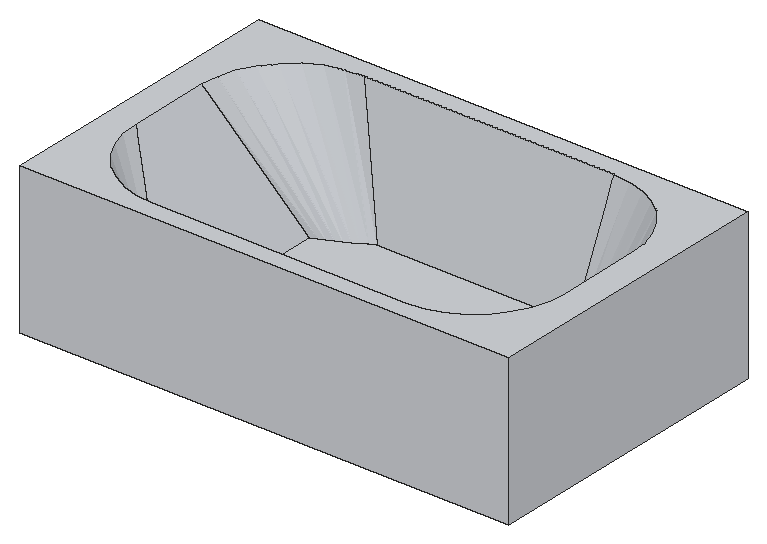
Revit family "dbb93d54b5434fd69f06b3e834abac03", category Plumbing Fixtures, Revit 2021
Family settings
  Round Connector Dimension = Use Radius
  Part Type = Normal
  OmniClass Number = 23.45.05.17.17
  OmniClass Title = Leisure Whirlpools
  Seek Item ID = Whirlpool Spa-0000-USA-ENU
  Work Plane-Based = No
  Always vertical = Yes
  Cut with Voids When Loaded = No
  Shared = No
  Room Calculation Point = No
Parameters (values of type "72"x44" - Public")
  Width 1 = 0' 8" * sin(26.00°)  # 0' - 3.50697"
  Whirlpool Spa Width = 3' - 8"
  Whirlpool Spa Material = none
  Whirlpool Spa Length = 6' - 0"
  Whirlpool Spa Height = 1' - 10"
  WFU = 2
  Voltage = 208 V
  Sanitary Radius = 3/4"
  Sanitary Diameter = Sanitary Radius * 2  # 1 1/2"
  Number of Poles = 3
  Load Classification = Appliance - Dwelling Unit
  Length 1 = 0' 8" * cos(26.00°)  # 0' - 7.19035"
  Hot Water Radius = 1/4"
  Hot Water Diameter = Hot Water Radius * 2  # 1/2"
  HWFU = 3
  Flow Pressure [instance] = 8.00 psi
  Default Elevation = 0' - 0"
  Cold Water Radius = 1/4"
  Cold Water Diameter = Cold Water Radius * 2  # 1/2"
  CWFU = 3
  Apparent Load = 875 VA
Types (3): name | HWFU | CWFU
  (no name) | 3 | 3
  72"x44" - Public | 3 | 3
  72"x44" - Private | 1 | 1
Reference planes (in)
  plane 1 "Center (Front/Back)": y = 0
  plane 2: z = 0
  plane 3 "Center (Left/Right)": x = 0
  plane 4: y = 44
  plane 5: x = 72
  plane 6: z = 22
  plane 7: y = 41.34375
  plane 8: y = 2.65625
  plane 9: x = 4.3125
  plane 10: x = 67.6875
  plane 11: x = 14.40625
  plane 12: x = 57.59375
  plane 13: x = 21.5966
  plane 14: x = 50.4034
  plane 15: x = 17.5625
  plane 16: x = 54.4375
  plane 17: x = 18.8125
  plane 18: y = 38.71875
  plane 19: y = 5.28125
  plane 20: y = 35.21178
  plane 21: y = 8.78822
  plane 22: y = 28.09375
  plane 23: y = 15.90625
  plane 24: y = 21.90625
  plane 25: z = 2.1875
  plane 26: z = 2.46875
  plane 27: y = 4
  plane 28: z = 4
  plane 29: y = 18
  plane 30: y = 26
  plane 31: z = 10
Forms (in)
  Extrusion 1, solid, material <- "Whirlpool Spa Material"
    sketch origin (0, 0, 0) x (1, 0, 0) y (0, 1, 0)
      loop
        line (0, 44) -> (0, 0) -> (72, 0) -> (72, 44) -> (0, 44)
    from 22 to 0
  Blend 2, void
    base sketch origin (0, 0, 0) x (1, 0, 0) y (0, 1, 0)
      loop
        line (21.5966, 38.71875) -> (14.40625, 35.21178) -> (14.40625, 8.78822) -> (21.5966, 5.28125) -> (50.4034, 5.28125) -> (57.59375, 8.78822) -> (57.59375, 35.21178) -> (50.4034, 38.71875) -> (21.5966, 38.71875)
    top sketch origin (0, 0, 0) x (1, 0, 0) y (0, 1, 0)
      loop
        line (54.4375, 41.34375) -> (17.5625, 41.34375)
        arc (17.5625, 41.34375) -> (8.19334, 37.46291) -> (4.3125, 28.09375) r 13.25
        line (4.3125, 28.09375) -> (4.3125, 15.90625)
        arc (4.3125, 15.90625) -> (8.19334, 6.53709) -> (17.5625, 2.65625) r 13.25
        line (17.5625, 2.65625) -> (54.4375, 2.65625)
        arc (54.4375, 2.65625) -> (63.80666, 6.53709) -> (67.6875, 15.90625) r 13.25
        line (67.6875, 15.90625) -> (67.6875, 28.09375)
        arc (67.6875, 28.09375) -> (63.80666, 37.46291) -> (54.4375, 41.34375) r 13.25
    from 2.1875 to 22
  Extrusion 3, void
    sketch origin (0, 0, 0) x (1, 0, 0) y (0, 1, 0)
      loop
        circle (18.8125, 21.90625) r 0.75
    from 0 to 2.46875
  Extrusion 4, solid, material <- "Whirlpool Spa Material"
    sketch origin (0, 0, 0) x (0, 1, 0) y (0, 0, 1)
      loop
        circle (26, 10) r 0.25
      loop
        circle (18, 10) r 0.25
      loop
        circle (4, 4) r 1
    from 4.3125 to 0
  Extrusion 5, solid, material <- "Whirlpool Spa Material"
    sketch origin (0, 0, 0) x (1, 0, 0) y (0, 1, 0)
      loop
        circle (18.8125, 21.90625) r 0.75
    from 0 to 2.1875
Cuts and joins
  Blend 2, Extrusion 3 cuts Extrusion 1
  joined: Extrusion 1, Extrusion 4
Lines and regions (in)
  symbolic lines
    curve 1: line (0, 44, 0) -> (72, 44, 0)
    curve 2: line (0, 0, 0) -> (0, 44, 0)
    curve 3: line (72, 0, 0) -> (0, 0, 0)
    curve 4: line (72, 44, 0) -> (72, 0, 0)
    curve 5: line (17.5625, 41.34375, 0) -> (54.4375, 41.34375, 0)
    curve 6: line (67.6875, 28.09375, 0) -> (67.6875, 15.90625, 0)
    curve 7: line (54.4375, 2.65625, 0) -> (17.5625, 2.65625, 0)
    curve 8: line (4.3125, 15.90625, 0) -> (4.3125, 28.09375, 0)
    curve 9: arc (4.3125, 28.09375, 0) -> (8.19334, 37.46291, 0) -> (17.5625, 41.34375, 0) r 13.25
    curve 10: arc (4.3125, 15.90625, 0) -> (8.19334, 6.53709, 0) -> (17.5625, 2.65625, 0) r 13.25
    curve 11: arc (54.4375, 2.65625, 0) -> (63.80666, 6.53709, 0) -> (67.6875, 15.90625, 0) r 13.25
    curve 12: arc (54.4375, 41.34375, 0) -> (63.80666, 37.46291, 0) -> (67.6875, 28.09375, 0) r 13.25
    curve 13: circle (18.8125, 21.90625, 0) r 0.75 normal (0, 0, 1)
Dimensions and locks (in)
  "Whirlpool Spa Width": plane 1 "Center (Front/Back)" to plane 4
  "Whirlpool Spa Length": plane 3 "Center (Left/Right)" to plane 5
  "Whirlpool Spa Height": plane 6 to plane 2
  locked: plane 4 to plane 7 at 2.65625
  locked: plane 1 "Center (Front/Back)" to plane 8 at 2.65625
  locked: plane 3 "Center (Left/Right)" to plane 9 at 4.3125
  locked: plane 10 to plane 5 at 4.3125
  locked: plane 3 "Center (Left/Right)" to plane 11 at 14.40625
  locked: plane 12 to plane 5 at 14.40625
  "Length 1": plane 11 to plane 13
  "Length 1": plane 14 to plane 12
  locked: plane 9 to plane 15 at 13.25
  locked: plane 16 to plane 10 at 13.25
  locked: plane 3 "Center (Left/Right)" to plane 17 at 18.8125
  locked: plane 4 to plane 18 at 5.28125
  locked: plane 1 "Center (Front/Back)" to plane 19 at 5.28125
  "Width 1": plane 18 to plane 20
  "Width 1": plane 19 to plane 21
  locked: plane 7 to plane 22 at 13.25
  locked: plane 8 to plane 23 at 13.25
  locked: plane 24 to plane 1 "Center (Front/Back)" at 21.90625
  locked: plane 25 to plane 2 at 2.1875
  locked: plane 26 to plane 25 at 0.28125
  locked: plane 28 to plane 2 at 4
  locked: plane 27 to plane 1 "Center (Front/Back)" at 4
  locked: plane 29 to plane 1 "Center (Front/Back)" at 18
  locked: plane 30 to plane 1 "Center (Front/Back)" at 26
  locked: plane 31 to plane 2 at 10
  "Sanitary Radius": radius of Extrusion 3 sketch curve
  "Cold Water Radius": radius of Extrusion 4 sketch curve
  "Hot Water Radius": radius of Extrusion 4 sketch curve
  radius of Extrusion 4 sketch curve = 0' - 1"
  radius of curve 13 = 0' - 0 3/4"
  radius of Extrusion 5 sketch curve = 0' - 0 3/4"
  aligned and locked: plane 3 "Center (Left/Right)" to Extrusion 1 sketch curve
  aligned and locked: Extrusion 1 sketch curve to plane 4
  aligned and locked: plane 1 "Center (Front/Back)" to Extrusion 1 sketch curve
  aligned and locked: Extrusion 1 sketch curve to plane 5
  aligned and locked: plane 6 to Extrusion 1
  aligned and locked: Extrusion 1 to plane 2
  aligned and locked: Extrusion 1 to Blend 2
  aligned and locked: Blend 2 to plane 25
  aligned and locked: plane 17 to Extrusion 3 sketch curve
  aligned and locked: plane 24 to Extrusion 3 sketch curve
  aligned and locked: plane 26 to Extrusion 3
  aligned and locked: Extrusion 3 to plane 2
  aligned and locked: plane 29 to Extrusion 4 sketch curve
  aligned and locked: plane 31 to Extrusion 4 sketch curve  (x2)
  aligned and locked: plane 30 to Extrusion 4 sketch curve
  aligned and locked: Extrusion 4 to plane 9
  aligned and locked: Extrusion 4 to plane 3 "Center (Left/Right)"
  aligned and locked: plane 27 to Extrusion 4 sketch curve
  aligned and locked: plane 28 to Extrusion 4 sketch curve
  aligned and locked: curve 1 to cut or joined group of Extrusion 1, Blend 2, Extrusion 3, Extrusion 4  (x2)
  aligned and locked: cut or joined group of Extrusion 1, Blend 2, Extrusion 3, Extrusion 4 to curve 4
  aligned and locked: curve 4 to cut or joined group of Extrusion 1, Blend 2, Extrusion 3, Extrusion 4
  aligned and locked: plane 17 to curve 13
  aligned and locked: plane 24 to curve 13
  aligned and locked: plane 24 to Extrusion 5 sketch curve
  aligned and locked: plane 17 to Extrusion 5 sketch curve
  aligned and locked: Extrusion 5 to plane 2
  aligned and locked: plane 25 to Extrusion 5
Automatic sketch dimensions
  Blend 2 sketch curve to plane 11 = 0' - 0"
  Blend 2 sketch curve to plane 13 = 0' - 0"  (x2)
  Blend 2 sketch curve to plane 14 = 0' - 0"  (x2)
  Blend 2 sketch curve to plane 12 = 0' - 0"
  Blend 2 sketch curve to plane 19 = 0' - 0"
  Blend 2 sketch curve to plane 21 = 0' - 0"  (x2)
  Blend 2 sketch curve to plane 20 = 0' - 0"  (x2)
  Blend 2 sketch curve to plane 18 = 0' - 0"
  Blend 2 sketch curve to plane 9 = 0' - 0"
  Blend 2 sketch curve to plane 15 = 0' - 0"  (x2)
  Blend 2 sketch curve to plane 8 = 0' - 0"
  Blend 2 sketch curve to plane 16 = 0' - 0"  (x2)
  Blend 2 sketch curve to plane 10 = 0' - 0"
  Blend 2 sketch curve to plane 22 = 0' - 0"
  curve 9 to plane 9 = 0' - 0"
  curve 5 to plane 7 = 0' - 0"
  curve 5 to plane 15 = 0' - 0"
  curve 10 to plane 8 = 0' - 0"
  curve 10 to plane 15 = 0' - 0"
  curve 12 to plane 16 = 0' - 0"
  curve 7 to plane 16 = 0' - 0"
  curve 6 to plane 10 = 0' - 0"
Connectors (in)
  piping at (0, 26, 10), diameter 0.5, driven by "CWFU", driven by "Flow Pressure", driven by "Cold Water Radius"
    settings: on Extrusion 4, index 1, connector inside diameter 1/2", connector length 0' - 0", flow factor 0, pipe flow 0 GPM, pressure drop 8.00 psi, fitting loss kfactor 0, connector angle 0.00°, fixture units 3, engagement length 0' - 0", angle of deflection 0.00°, flow configuration 3, flow direction 1, fitting loss method 4, system type 20, joint type 0, gender type 0, connector reference index -1, connector utility 0, adjustable connector no, is connector primary yes, connector description "In"
  piping at (0, 18, 10), diameter 0.5, driven by "Hot Water Radius", driven by "HWFU", driven by "Flow Pressure"
    settings: on Extrusion 4, index 2, connector inside diameter 1/2", connector length 0' - 0", flow factor 0, pipe flow 0 GPM, pressure drop 8.00 psi, fitting loss kfactor 0, connector angle 0.00°, fixture units 3, engagement length 0' - 0", angle of deflection 0.00°, flow configuration 3, flow direction 1, fitting loss method 4, system type 19, joint type 0, gender type 0, connector reference index -1, connector utility 0, adjustable connector no, is connector primary no, connector description "In"
  piping at (18.8125, 21.90625, 0), diameter 1.5, driven by "Sanitary Radius", driven by "WFU"
    settings: on cut or joined group of Extrusion 1, Blend 2, Extrusion 3, Extrusion 4, index 3, connector inside diameter 1 1/2", connector length 0' - 0", flow factor 0, pipe flow 0 GPM, pressure drop 0.00 psi, fitting loss kfactor 0, connector angle 0.00°, fixture units 2, engagement length 0' - 0", angle of deflection 0.00°, flow configuration 3, flow direction 2, fitting loss method 0, system type 16, joint type 0, gender type 0, connector reference index -1, connector utility 0, adjustable connector no, is connector primary no, connector description "Out"
  electrical at (0, 4, 4), driven by "Number of Poles", driven by "Voltage", driven by "Apparent Load", driven by "Load Classification"
    settings: on Extrusion 4, index 4, voltage 208 V, apparent load 875 VA, apparent load phase1 0 VA, apparent load phase2 0 VA, apparent load phase3 0 VA, power factor 0.8, load classification "Appliance - Dwelling Unit", number of poles 3, system type 30, power factor state 1, is connector primary yes, connector utility no, sub classification motor no, connector description ""
